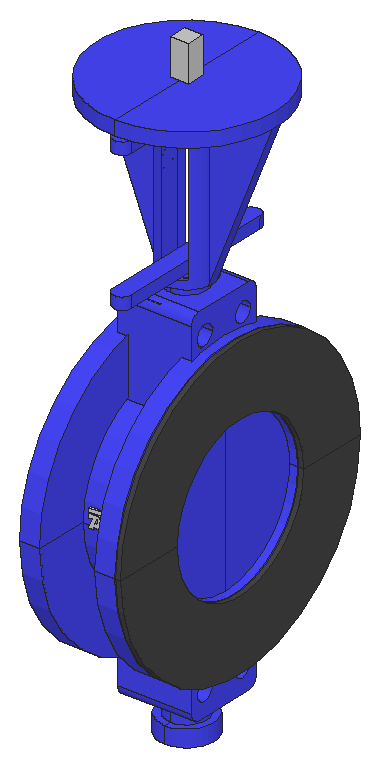
Revit family "926-10-001-DN50-500", category Pipe Accessories, Revit 2022
Family settings
  Round Connector Dimension = Use Diameter
  Part Type = Valve - Breaks Into
  Work Plane-Based = No
  Always vertical = Yes
  Cut with Voids When Loaded = No
  Shared = No
Parameters (values of type "DN400_PN 10")
  total_FL_legth = A - L  # 47.8 mm
  rib_Loctn = Body_rib_L * 0.4  # 8 mm
  logo = Bore_R + Body_T + 2 mm  # 50 mm
  bottom_Shaft_T = Body_rib_W * 0.7  # 8.4 mm
  bottom_Shaft_R = Body_rib_L * 0.68  # 13.6 mm
  Wedge = A / 1.3  # 39.077 mm
  URL_product_pages = "https://www.avkvalves.com/P.aspx?no=92605010020140100000"
  Top_Rib = D / 2  # 4.5 mm
  Top_Flange_R = size_lookup(Search_table, "Top_Flange_R", 0 mm, DN)  # 45 mm
  Top _Flange_dim2 = Body_shaft_R3_T * 2  # 7.826 mm
  Top _Flange_dim1 = Body_shaft_R3 * 0.68  # 8.84 mm
  Slot_dim1 = Body_shaft_R2_T / 3  # 2.4 mm
  Slot_T = Body_shaft_R2_T * 0.8  # 5.76 mm
  Search_table = "926-10-001-DN50-500"
  Seal_R = (FL_R - Bore_R) / 2  # 17.5 mm
  Rib_T = (FL_T - Raised_dis) / 1.5  # 5.333 mm
  Rib_R = D / 2  # 4.5 mm
  Raised_dis = size_lookup(Search_table, "Raised_dis", 0 mm, DN)  # 2 mm
  Raised_R = size_lookup(Search_table, "Raised_R", 0 mm, DN)  # 64 mm
  PCD = size_lookup(Search_table, "PCD", 0 mm, DN)  # 160 mm
  L = Raised_dis * 1.5  # 3 mm
  Hole_R = size_lookup(Search_table, "Hole_R", 0 mm, DN)  # 5 mm
  FL_T = size_lookup(Search_table, "FL_T", 0 mm, DN)  # 10 mm
  FL_R = size_lookup(Search_table, "FL_R", 0 mm, DN)  # 75 mm
  E = size_lookup(Search_table, "E", 0 mm, DN)  # 18 mm
  Description_ = "AVK DBL. ECC. BUTTERFLY VALVE, WAFER AWWA SHORT, PN10/16"
  Default Elevation = 0 mm
  DN500_PN 16 = "926-500-10-020040100000"
  DN500_PN 10 = "926-500-10-010040100000"
  DN450_PN 16 = "926-450-10-020040100000"
  DN450_PN 10 = "926-450-10-010040100000"
  DN400_PN 16 = "926-400-10-020040100000"
  DN400_PN 10 = "926-400-10-010040100000"
  DN350_PN 16 = "926-350-10-020040100000"
  DN350_PN 10 = "926-350-10-010040100000"
  DN300_PN 16 = "926-300-10-020040100000"
  DN300_PN 10 = "926-300-10-010040100000"
  DN250_PN 16 = "926-250-10-020040100000"
  DN250_PN 10 = "926-250-10-010040100000"
  DN200_PN 16 = "926-200-10-020040100000"
  DN200_PN 10 = "926-200-10-010040100000"
  DN150_PN 10/16 = "926-150-10-020040100000"
  DN100_PN 10/16 = "926-100-10-020140100000"
  DN080_PN 10/16 = "926-080-10-020140100000"
  DN050_PN 10/16 = "926-050-10-020140100000"
  DN = 80 mm
  D = size_lookup(Search_table, "D", 0 mm, DN)  # 9 mm
  C = size_lookup(Search_table, "C", 0 mm, DN)  # 185 mm
  Bore_R = size_lookup(Search_table, "Bore_R", 0 mm, DN)  # 40 mm
  Body_shaft_R3_T = D / 2.3  # 3.913 mm
  Body_shaft_R3 = Body_shaft_R2 * 1.3  # 13 mm
  Body_shaft_R2_T = D * 0.8  # 7.2 mm
  Body_shaft_R2 = Body_rib_L * 0.5  # 10 mm
  Body_shaft_R1 = (total_FL_legth - FL_T) / 2  # 18.9 mm
  Body_rib_W = size_lookup(Search_table, "Body_rib_W", 0 mm, DN)  # 12 mm
  Body_rib_L = size_lookup(Search_table, "Body_rib_L", 0 mm, DN)  # 20 mm
  Body_end_shaft_R = (total_FL_legth - 2 * Raised_dis) / 2  # 21.9 mm
  Body_T = size_lookup(Search_table, "Body_T", 0 mm, DN)  # 8 mm
  B = size_lookup(Search_table, "B", 0 mm, DN)  # 110 mm
  A = size_lookup(Search_table, "A", 0 mm, DN)  # 50.8 mm
Types (19, lengths in mm): name | total_FL_legth | rib_Loctn | logo | bottom_Shaft_T | bottom_Shaft_R | Wedge | Top_Rib | Top_Flange_R | Top _Flange_dim2 | Top _Flange_dim1 | Slot_dim1 | Slot_T | Seal_R | Rib_T | Rib_R | Raised_dis | Raised_R | PCD | L | Hole_R | FL_T | FL_R | E | Description_ | DN | D | C | Bore_R | Body_shaft_R3_T | Body_shaft_R3 | Body_shaft_R2_T | Body_shaft_R2 | Body_shaft_R1 | Body_rib_W | Body_rib_L | Body_end_shaft_R | Body_T | B | A
  (no name) | 47.8 | 8 | 50 | 8.4 | 13.6 | 39.077 | 4.5 | 45 | 7.826 | 8.84 | 2.4 | 5.76 | 17.5 | 5.333 | 4.5 | 2 | 64 | 160 | 3 | 5 | 10 | 75 | 18 | "AVK DBL. ECC. BUTTERFLY VALVE, WAFER AWWA SHORT, PN10/16" | 80 | 9 | 185 | 40 | 3.913 | 13 | 7.2 | 10 | 18.9 | 12 | 20 | 21.9 | 8 | 110 | 50.8
  DN500_PN 16 | 124 | 34.8 | 267 | 26.6 | 59.16 | 100 | 23 | 105 | 40 | 38.454 | 12.267 | 29.44 | 17.5 | 12 | 23 | 4 | 260 | 650 | 6 | 16 | 22 | 285 | 65 | "AVK DBL. ECC. BUTTERFLY VALVE, WAFER" | 500.1 | 46 | 511 | 250 | 20 | 56.55 | 36.8 | 43.5 | 51 | 38 | 87 | 58 | 15 | 380 | 130
  DN500_PN 10 | 124 | 34.8 | 267 | 26.6 | 59.16 | 100 | 23 | 105 | 40 | 38.454 | 12.267 | 29.44 | 17.5 | 10 | 23 | 4 | 260 | 620 | 6 | 16 | 19 | 285 | 65 | "AVK DBL. ECC. BUTTERFLY VALVE, WAFER" | 500 | 46 | 511 | 250 | 20 | 56.55 | 36.8 | 43.5 | 52.5 | 38 | 87 | 58 | 15 | 380 | 130
  DN450_PN 16 | 111 | 31.2 | 243 | 28.7 | 53.04 | 90 | 18 | 105 | 31.304 | 34.476 | 9.6 | 23.04 | 20 | 12 | 18 | 4 | 245 | 585 | 6 | 15 | 22 | 265 | 38 | "AVK DBL. ECC. BUTTERFLY VALVE, WAFER" | 450.1 | 36 | 492 | 225 | 15.652 | 50.7 | 28.8 | 39 | 44.5 | 41 | 78 | 51.5 | 16 | 360 | 117
  DN450_PN 10 | 111 | 31.2 | 243 | 28.7 | 53.04 | 90 | 18 | 105 | 31.304 | 34.476 | 9.6 | 23.04 | 20 | 10 | 18 | 4 | 245 | 565 | 6 | 15 | 19 | 265 | 38 | "AVK DBL. ECC. BUTTERFLY VALVE, WAFER" | 450 | 36 | 492 | 225 | 15.652 | 50.7 | 28.8 | 39 | 46 | 41 | 78 | 51.5 | 16 | 360 | 117
  DN400_PN 16 | 99 | 28 | 217 | 29.4 | 47.6 | 80.769 | 18 | 87.5 | 31.304 | 30.94 | 9.6 | 23.04 | 20 | 12 | 18 | 4 | 220 | 525 | 6 | 14 | 22 | 240 | 41 | "AVK DBL. ECC. BUTTERFLY VALVE, WAFER" | 400.1 | 36 | 451 | 200 | 15.652 | 45.5 | 28.8 | 35 | 38.5 | 42 | 70 | 45.5 | 15 | 350 | 105
  DN400_PN 10 | 47.8 | 8 | 50 | 8.4 | 13.6 | 39.077 | 4.5 | 45 | 7.826 | 8.84 | 2.4 | 5.76 | 17.5 | 5.333 | 4.5 | 2 | 64 | 160 | 3 | 5 | 10 | 75 | 18 | "AVK DBL. ECC. BUTTERFLY VALVE, WAFER AWWA SHORT, PN10/16" | 80 | 9 | 185 | 40 | 3.913 | 13 | 7.2 | 10 | 18.9 | 12 | 20 | 21.9 | 8 | 110 | 50.8
  DN350_PN 16 | 91.8 | 26.8 | 191 | 21.7 | 45.56 | 74.077 | 18 | 75 | 31.304 | 29.614 | 9.6 | 23.04 | 17.5 | 11.333 | 18 | 3 | 190 | 470 | 4.5 | 13 | 20 | 210 | 41 | "AVK DBL. ECC. BUTTERFLY VALVE, WAFER" | 350.1 | 36 | 420 | 175 | 15.652 | 43.55 | 28.8 | 33.5 | 35.9 | 31 | 67 | 42.9 | 14 | 290 | 96.3
  DN350_PN 10 | 91.8 | 26.8 | 191 | 21.7 | 45.56 | 74.077 | 18 | 75 | 31.304 | 29.614 | 9.6 | 23.04 | 17.5 | 10 | 18 | 3 | 190 | 460 | 4.5 | 13 | 18 | 210 | 41 | "AVK DBL. ECC. BUTTERFLY VALVE, WAFER" | 350 | 36 | 420 | 175 | 15.652 | 43.55 | 28.8 | 33.5 | 36.9 | 31 | 67 | 42.9 | 14 | 290 | 96.3
  DN300_PN 16 | 81.2 | 24 | 166 | 21 | 40.8 | 65.923 | 13.5 | 75 | 23.478 | 26.52 | 7.2 | 17.28 | 15 | 10 | 13.5 | 3 | 160 | 410 | 4.5 | 12 | 18 | 180 | 41 | "AVK DBL. ECC. BUTTERFLY VALVE, WAFER" | 300.1 | 27 | 390 | 150 | 11.739 | 39 | 21.6 | 30 | 31.6 | 30 | 60 | 37.6 | 14 | 260 | 85.7
  DN300_PN 10 | 81.2 | 24 | 166 | 21 | 40.8 | 65.923 | 13.5 | 75 | 23.478 | 26.52 | 7.2 | 17.28 | 15 | 10 | 13.5 | 3 | 160 | 400 | 4.5 | 12 | 18 | 180 | 41 | "AVK DBL. ECC. BUTTERFLY VALVE, WAFER" | 300 | 27 | 390 | 150 | 11.739 | 39 | 21.6 | 30 | 31.6 | 30 | 60 | 37.6 | 14 | 260 | 85.7
  DN250_PN 16 | 76.4 | 22.4 | 131 | 16.8 | 38.08 | 61.077 | 13.5 | 75 | 23.478 | 24.752 | 7.2 | 17.28 | 17.5 | 10.667 | 13.5 | 2 | 140 | 350 | 3 | 11 | 18 | 160 | 36 | "AVK DBL. ECC. BUTTERFLY VALVE, WAFER" | 250.1 | 27 | 340 | 125 | 11.739 | 36.4 | 21.6 | 28 | 29.2 | 24 | 56 | 36.2 | 4 | 222 | 79.4
  DN250_PN 10 | 76.4 | 22.4 | 141 | 16.8 | 38.08 | 61.077 | 13.5 | 75 | 23.478 | 24.752 | 7.2 | 17.28 | 17.5 | 10.667 | 13.5 | 2 | 140 | 350 | 3 | 11 | 18 | 160 | 36 | "AVK DBL. ECC. BUTTERFLY VALVE, WAFER" | 250 | 27 | 340 | 125 | 11.739 | 36.4 | 21.6 | 28 | 29.2 | 24 | 56 | 36.2 | 14 | 222 | 79.4
  DN200_PN 16 | 71.6 | 20.8 | 116 | 15.4 | 35.36 | 57.385 | 11 | 62.5 | 19.13 | 22.984 | 5.867 | 14.08 | 15 | 10 | 11 | 2 | 110 | 295 | 3 | 10 | 17 | 130 | 30 | "AVK DBL. ECC. BUTTERFLY VALVE, WAFER" | 200.1 | 22 | 320 | 100 | 9.565 | 33.8 | 17.6 | 26 | 27.3 | 22 | 52 | 33.8 | 14 | 200 | 74.6
  DN200_PN 10 | 71.6 | 20.8 | 114 | 15.4 | 35.36 | 57.385 | 11 | 62.5 | 19.13 | 22.984 | 5.867 | 14.08 | 15 | 8.667 | 11 | 2 | 110 | 295 | 3 | 10 | 15 | 130 | 30 | "AVK DBL. ECC. BUTTERFLY VALVE, WAFER" | 200 | 22 | 320 | 100 | 9.565 | 33.8 | 17.6 | 26 | 28.3 | 22 | 52 | 33.8 | 12 | 200 | 74.6
  DN150_PN 10/16 | 68.4 | 12.8 | 89 | 14 | 21.76 | 54.923 | 8.5 | 62.5 | 14.783 | 14.144 | 4.533 | 10.88 | 13.5 | 7.333 | 8.5 | 2 | 90 | 240 | 3 | 8 | 13 | 102 | 27 | "AVK DBL. ECC. BUTTERFLY VALVE, WAFER" | 150 | 17 | 280 | 75 | 7.391 | 20.8 | 13.6 | 16 | 27.7 | 20 | 32 | 32.2 | 12 | 170 | 71.4
  DN100_PN 10/16 | 54.2 | 10 | 62 | 10.5 | 17 | 44 | 5.5 | 45 | 9.565 | 11.05 | 2.933 | 7.04 | 16 | 6 | 5.5 | 2 | 65 | 180 | 3 | 6 | 11 | 82 | 20 | "AVK DBL. ECC. BUTTERFLY VALVE, WAFER" | 100 | 11 | 202 | 50 | 4.783 | 16.25 | 8.8 | 12.5 | 21.6 | 15 | 25 | 25.1 | 10 | 130 | 57.2
  DN080_PN 10/16 | 47.8 | 6 | 35 | 5.6 | 10.2 | 39.077 | 4.5 | 45 | 7.826 | 6.63 | 2.4 | 5.76 | 13.5 | 5.333 | 4.5 | 2 | 34 | 120 | 3 | 4 | 10 | 52 | 18 | "AVK DBL. ECC. BUTTERFLY VALVE, WAFER" | 50 | 9 | 110 | 25 | 3.913 | 9.75 | 7.2 | 7.5 | 18.9 | 8 | 15 | 21.9 | 8 | 80 | 50.8
  DN050_PN 10/16 | 81.2 | 24 | 166 | 21 | 40.8 | 65.923 | 13.5 | 75 | 23.478 | 26.52 | 7.2 | 17.28 | 15 | 10 | 13.5 | 3 | 160 | 400 | 4.5 | 12 | 18 | 180 | 41 | "AVK DBL. ECC. BUTTERFLY VALVE, WAFER" | 300 | 27 | 390 | 150 | 11.739 | 39 | 21.6 | 30 | 31.6 | 30 | 60 | 37.6 | 14 | 260 | 85.7
Reference planes
  plane 1 "Center (Front/Back)": y = 0
  plane 2: z = 0
  plane 3 "Center (Left/Right)": x = 0
  plane 4: z = -80
  plane 5: z = 80
  plane 6: x = -23.9
  plane 7: x = 23.9
  plane 8: y = 80
  plane 9: y = -80
  plane 10: x = -23.9
  plane 11: x = 23.9
  plane 12: x = -18.567
  plane 13: x = 18.567
  plane 14: z = -110
  plane 15: y = 20
  plane 16: y = -20
  plane 17: z = -92
  plane 18: z = 92
  plane 19: z = 92
  plane 20: z = 185
  plane 21: y = 23
  plane 22: y = -23
  plane 23: z = 185
  plane 24: z = 203
  plane 25: y = 4.5
  plane 26: y = -4.5
  plane 27: x = -4.5
  plane 28: x = 4.5
  plane 29: z = 177.8
  plane 30: z = 92
  plane 31: x = -2.25
  plane 32: x = 2.25
  plane 33: z = 40
  plane 34: z = -40
  plane 35: z = 99.826
  plane 36: z = 92
  plane 37: z = 40
  plane 38: z = 75
  plane 39: z = 177.8
  plane 40: z = 94.066
  plane 41: z = 175.4
  plane 42: z = 169.64
  plane 43: y = 75
  plane 44: y = 75
  plane 45: y = -50
  plane 46: y = 2.25
  plane 47: y = -2.25
Forms (mm)
  Revolve 1, solid, material "Default"
    sketch origin (0, 0, 0) x (1, 0, 0) y (0, 1, 0)
      loop
        line (-23.9, 40) -> (23.9, 40) -> (23.9, 75) -> (13.9, 75) -> (13.9, 48) -> (-13.9, 48) -> (-13.9, 75) -> (-23.9, 75) -> (-23.9, 40)
      axis (-23.9, 0) -> (23.9, 0)
    angle from 0 to 360
  Revolve 2, solid, material "Default Roof"
    sketch origin (0, 0, 0) x (1, 0, 0) y (0, 1, 0)
      loop
        line (23.9, 75) -> (23.9, 40) -> (26.9, 40) -> (26.9, 75) -> (23.9, 75)
      axis (26.9, 0) -> (23.9, 0)
    angle from 0 to 360
  Extrusion 3, solid, material "Default"
    sketch origin (0, 0, 0) x (0, 1, 0) y (0, 0, 1)
      loop
        line (15.5, 92) -> (-15.5, 92)
        arc (-15.5, 92) -> (-18.682, 90.682) -> (-20, 87.5) r 4.5
        line (-20, 87.5) -> (-20, -87.5)
        arc (-20, -87.5) -> (-18.682, -90.682) -> (-15.5, -92) r 4.5
        line (-15.5, -92) -> (15.5, -92)
        arc (15.5, -92) -> (18.682, -90.682) -> (20, -87.5) r 4.5
        line (20, -87.5) -> (20, 87.5)
        arc (20, 87.5) -> (18.682, 90.682) -> (15.5, 92) r 4.5
    from -18.567 to 18.567
  Revolve 4, solid, material "Default"
    sketch origin (0, 0, 0) x (0, 1, 0) y (0, 0, 1)
      loop
        line (0, -110) -> (0, -92) -> (-10, -92) -> (-10, -101.6) -> (-13.6, -101.6) -> (-13.6, -110) -> (0, -110)
      axis (0, -92) -> (0, -110)
    angle from 0 to 360
  Extrusion 5, void
    sketch origin (0, 2.804, 16.825) x (0, -1, 0) y (0, 0, 1)
      loop
        circle (-9.196, -96.825) r 5
      loop
        circle (14.804, -96.825) r 5
      loop
        circle (-9.196, 63.175) r 5
      loop
        circle (14.804, 63.175) r 5
    from -23.9 to 62
  Revolve 6, solid, material "Default"
    sketch origin (0, 0, 0) x (0, 1, 0) y (0, 0, 1)
      loop
        line (0, 92) -> (0, 185) -> (-45, 185) -> (-45, 177.8) -> (-10, 177.8) -> (-10, 92) -> (0, 92)
      axis (0, 185) -> (0, 92)
    angle from 0 to 360
  Extrusion 7, solid, material "Laminate, White"
    sketch origin (0, 0, 0) x (0, 1, 0) y (0, 0, 1)
      loop
        line (4.5, 203) -> (-4.5, 203) -> (-4.5, 185) -> (4.5, 185) -> (4.5, 203)
    from -4.5 to 4.5
  Revolve 8, solid, material "Default"
    sketch origin (0, 0, 0) x (0, 1, 0) y (0, 0, 1)
      loop
        line (-13, 177.8) -> (-13, 95.913) -> (0, 95.913) -> (0, 177.8) -> (-13, 177.8)
      axis (0, 177.8) -> (0, 95.913)
    angle from 0 to 360
  Revolve 9, solid, material "Default"
    sketch origin (0, 0, 0) x (0, 1, 0) y (0, 0, 1)
      loop
        line (0, 177.8) -> (-10, 177.8) -> (-10, 99.826) -> (0, 99.826) -> (0, 177.8)
      axis (0, 99.826) -> (0, 177.8)
    angle from 0 to 360
  Revolve 10, void
    sketch origin (0, 0, 0) x (1, 0, 0) y (0, 1, 0)
      loop
        line (-25.4, 40) -> (-25.4, 0) -> (25.4, 0) -> (25.4, 40) -> (-25.4, 40)
      axis (25.4, 0) -> (-25.4, 0)
    angle from 0 to 360
  Revolve 11, solid, material "Default"
    sketch origin (0, 0, 0) x (1, 0, 0) y (0, 0, 1)
      loop
        line (19.538, 40) -> (-19.538, 40) -> (-19.538, 0) -> (19.538, 0) -> (19.538, 40)
      axis (-19.538, 0) -> (19.538, 0)
    angle from 0 to 360
  Extrusion 12, solid, material "Default"
    sketch origin (0, 0, 0) x (1, 0, 0) y (0, 0, 1)
      loop
        line (45, 177.8) -> (-45, 177.8) -> (-13, 95.913) -> (13, 95.913) -> (45, 177.8)
    from -2.25 to 2.25
  Extrusion 13, void
    sketch origin (0, 0, 0) x (-1, 0, 0) y (0, 0, 1)
      loop
        line (-8.84, 177.8) -> (-8.84, 99.826) -> (8.84, 99.826) -> (8.84, 177.8) -> (-8.84, 177.8)
    from -80 to 75
  Extrusion 14, solid, material "Default"
    sketch origin (0, 77.131, 169.64) x (0, 1, 0) y (-1, 0, 0)
      loop
        arc (-117.631, 4.5) -> (-122.131, 0) -> (-117.631, -4.5) r 4.5
        line (-117.631, -4.5) -> (-36.631, -4.5)
        arc (-36.631, -4.5) -> (-32.131, 0) -> (-36.631, 4.5) r 4.5
        line (-36.631, 4.5) -> (-117.631, 4.5)
    from 0 to 5.76
  Extrusion 15, solid, material "Default"
    sketch origin (0, 56.62, 99.826) x (0, 1, 0) y (-1, 0, 0)
      loop
        line (-16.12, 4.5) -> (-97.12, 4.5)
        arc (-97.12, 4.5) -> (-101.62, 0) -> (-97.12, -4.5) r 4.5
        line (-97.12, -4.5) -> (-16.12, -4.5)
        arc (-16.12, -4.5) -> (-11.62, 0) -> (-16.12, 4.5) r 4.5
    from 0 to 5.76
Cuts and joins
  Extrusion 5, Revolve 10 cuts Extrusion 3
  Revolve 10 cuts Revolve 1
  Revolve 10 cuts Revolve 2
  Extrusion 13 cuts Revolve 6
  Extrusion 13 cuts Revolve 8
  Extrusion 13 cuts Revolve 9
  Extrusion 13 cuts Extrusion 12
Dimensions and locks
  equal spacing: plane 5, level, plane 4
  "PCD": plane 5 to plane 4
  equal spacing: Revolve 1 sketch curve, plane 3 "Center (Left/Right)", Revolve 1 sketch curve  (x2)
  "Bore_R": plane 1 "Center (Front/Back)" to Revolve 1 sketch curve
  "FL_R": plane 1 "Center (Front/Back)" to Revolve 1 sketch curve
  "total_FL_legth": Revolve 1 sketch curve to Revolve 1 sketch curve
  "FL_T": Revolve 1 sketch curve to Revolve 1 sketch curve
  "Body_T": Revolve 1 sketch curve to Revolve 1 sketch curve
  equal spacing: plane 6, plane 3 "Center (Left/Right)", plane 7
  "total_FL_legth": plane 6 to plane 7
  "L": plane 7 to Revolve 2 sketch curve
  equal spacing: plane 8, plane 1 "Center (Front/Back)", plane 9
  "PCD": plane 8 to plane 9
  equal spacing: Extrusion 3 sketch curve, plane 1 "Center (Front/Back)", Extrusion 3 sketch curve
  "Body_rib_L": plane 1 "Center (Front/Back)" to Extrusion 3 sketch curve
  "Body_rib_W": plane 4 to Extrusion 3 sketch curve
  "Body_rib_W": Extrusion 3 sketch curve to plane 5
  equal spacing: Extrusion 3, plane 3 "Center (Left/Right)", Extrusion 3
  equal spacing: plane 11, plane 3 "Center (Left/Right)", plane 10
  "total_FL_legth": plane 11 to plane 10
  equal spacing: plane 12, plane 3 "Center (Left/Right)", plane 13
  "Rib_T": plane 12 to plane 10
  "B": level to plane 14
  "bottom_Shaft_R": plane 1 "Center (Front/Back)" to Revolve 4 sketch curve
  equal spacing: plane 15, plane 1 "Center (Front/Back)", plane 16
  "Body_rib_L": plane 15 to plane 1 "Center (Front/Back)"
  "Body_rib_W": plane 4 to plane 17
  "Body_rib_W": Extrusion 5 sketch curve to plane 17  (x2)
  "rib_Loctn": plane 15 to Extrusion 5 sketch curve  (x2)
  "rib_Loctn": Extrusion 5 sketch curve to plane 16  (x2)
  "Body_rib_W": plane 18 to plane 5
  "Body_rib_W": plane 18 to Extrusion 5 sketch curve  (x2)
  "Body_rib_W": plane 19 to plane 5
  "Body_shaft_R2": plane 1 "Center (Front/Back)" to Revolve 6 sketch curve
  "C": plane 20 to level
  "Top_Flange_R": plane 1 "Center (Front/Back)" to Revolve 6 sketch curve
  "Body_shaft_R2_T": plane 20 to Revolve 6 sketch curve
  "C": plane 23 to plane 2
  "E": plane 24 to plane 23
  equal spacing: plane 25, plane 1 "Center (Front/Back)", plane 26
  "D": plane 25 to plane 26
  equal spacing: plane 28, plane 3 "Center (Left/Right)", plane 27
  "D": plane 28 to plane 27
  "Body_shaft_R2_T": plane 23 to plane 29
  "Body_rib_W": plane 30 to plane 5
  "Body_shaft_R3": plane 1 "Center (Front/Back)" to Revolve 8 sketch curve
  "Body_shaft_R3_T": Revolve 8 sketch curve to plane 30
  equal spacing: plane 32, plane 3 "Center (Left/Right)", plane 31
  "Top_Rib": plane 32 to plane 31
  equal spacing: plane 33, level, plane 34
  "Bore_R": plane 33 to level
  "Bore_R": plane 37 to level
  "FL_R": plane 38 to level
  "Body_rib_W": plane 36 to plane 5
  "Top _Flange_dim2": plane 35 to plane 36
  "Body_shaft_R2_T": plane 23 to plane 39
  "Slot_T": plane 35 to plane 40
  "Slot_dim1": plane 39 to plane 41
  "Slot_T": plane 41 to plane 42
  "Body_shaft_R2": plane 1 "Center (Front/Back)" to Revolve 9 sketch curve
  "Body_rib_W": plane 4 to Revolve 4 sketch curve
  "bottom_Shaft_T": Revolve 4 sketch curve to plane 14
  "Body_shaft_R2": plane 1 "Center (Front/Back)" to Revolve 4 sketch curve
  equal spacing: Revolve 10 sketch curve, plane 3 "Center (Left/Right)", Revolve 10 sketch curve
  "A": Revolve 10 sketch curve to Revolve 10 sketch curve
  "Bore_R": plane 1 "Center (Front/Back)" to Revolve 10 sketch curve
  equal spacing: Revolve 11 sketch curve, plane 3 "Center (Left/Right)", Revolve 11 sketch curve
  "Wedge": Revolve 11 sketch curve to Revolve 11 sketch curve
  "Bore_R": level to Revolve 11 sketch curve
  "FL_R": plane 43 to plane 1 "Center (Front/Back)"
  "FL_R": plane 44 to plane 1 "Center (Front/Back)"
  "Bore_R": plane 1 "Center (Front/Back)" to Revolve 2 sketch curve
  "logo": plane 1 "Center (Front/Back)" to plane 45
  nested 1 to level = 8.79 mm
  equal spacing: Extrusion 12 sketch curve, plane 3 "Center (Left/Right)", Extrusion 12 sketch curve  (x2)
  "Body_shaft_R3_T": plane 36 to Extrusion 12 sketch curve
  "Body_shaft_R3": plane 3 "Center (Left/Right)" to Extrusion 12 sketch curve
  "Top_Flange_R": plane 3 "Center (Left/Right)" to Extrusion 12 sketch curve
  equal spacing: Extrusion 12, plane 1 "Center (Front/Back)", Extrusion 12
  equal spacing: plane 46, plane 1 "Center (Front/Back)", plane 47
  "Top_Rib": plane 46 to plane 47
  equal spacing: Extrusion 13 sketch curve, plane 3 "Center (Left/Right)", Extrusion 13 sketch curve
  "Top _Flange_dim2": plane 36 to Extrusion 13 sketch curve
  "Top _Flange_dim1": plane 3 "Center (Left/Right)" to Extrusion 13 sketch curve
  equal spacing: Extrusion 14 sketch curve, plane 1 "Center (Front/Back)", Extrusion 14 sketch curve
  "Top_Flange_R": plane 1 "Center (Front/Back)" to Extrusion 14 sketch curve
  "Slot_T": Extrusion 15 to plane 35
  "Rib_R": radius of Extrusion 3 sketch curve  (x4)
  "Hole_R": radius of Extrusion 5 sketch curve  (x4)
  aligned and locked: level to plane 2
  aligned and locked: plane 1 "Center (Front/Back)" to Revolve 1 sketch curve
  aligned and locked: Revolve 1 sketch curve to Revolve 1 sketch curve
  aligned and locked: plane 7 to Revolve 2 sketch curve
  aligned and locked: Revolve 2 sketch curve to plane 1 "Center (Front/Back)"
  aligned and locked: plane 12 to Extrusion 3
  aligned and locked: Revolve 4 sketch curve to plane 1 "Center (Front/Back)"
  aligned and locked: plane 14 to Revolve 4 sketch curve
  aligned and locked: plane 1 "Center (Front/Back)" to Revolve 4 sketch curve
  aligned and locked: Extrusion 5 to Revolve 1
  aligned and locked: Revolve 6 sketch curve to plane 1 "Center (Front/Back)"
  aligned and locked: plane 1 "Center (Front/Back)" to Revolve 6 sketch curve
  aligned and locked: plane 19 to Revolve 6 sketch curve
  aligned and locked: plane 23 to Extrusion 7 sketch curve
  aligned and locked: Extrusion 7 sketch curve to plane 24
  aligned and locked: Extrusion 7 sketch curve to plane 25
  aligned and locked: plane 26 to Extrusion 7 sketch curve
  aligned and locked: plane 27 to Extrusion 7
  aligned and locked: Extrusion 7 to plane 28
  aligned and locked: plane 29 to Revolve 8 sketch curve
  aligned and locked: plane 1 "Center (Front/Back)" to Revolve 8 sketch curve
  aligned and locked: plane 1 "Center (Front/Back)" to Revolve 9 sketch curve
  aligned and locked: plane 35 to Revolve 9 sketch curve
  aligned and locked: Revolve 9 sketch curve to plane 39
  aligned and locked: Revolve 9 sketch curve to plane 1 "Center (Front/Back)"
  aligned and locked: Revolve 10 sketch curve to plane 1 "Center (Front/Back)"  (x2)
  aligned and locked: level to Revolve 11 sketch curve
  aligned and locked: Revolve 11 sketch curve to plane 2
  aligned and locked: Revolve 2 sketch curve to plane 43
  aligned and locked: plane 3 "Center (Left/Right)" to nested 1
  aligned and locked: plane 39 to Extrusion 12 sketch curve
  aligned and locked: Extrusion 12 to plane 46
  aligned and locked: Extrusion 13 sketch curve to plane 39
  aligned and locked: plane 44 to Extrusion 13
  aligned and locked: Extrusion 13 to plane 9
  aligned and locked: plane 27 to Extrusion 14 sketch curve
  aligned and locked: Extrusion 14 sketch curve to plane 28
  aligned and locked: plane 42 to Extrusion 14
  aligned and locked: plane 41 to Extrusion 14
  aligned and locked: Extrusion 15 sketch curve to Extrusion 14  (x2)
  aligned and locked: Extrusion 15 to plane 35
Automatic sketch dimensions
  Revolve 1 sketch curve to plane 10 = 2.778 mm
  plane 11 to Revolve 1 sketch curve = 67.278 mm
  Revolve 2 sketch curve to plane 13 = 6.696 mm
  plane 7 to Revolve 2 sketch curve = 8.704 mm
  Revolve 4 sketch curve to Revolve 4 sketch curve = 3 mm
  Revolve 4 sketch curve to level = 10 mm
  Revolve 6 sketch curve to plane 20 = 0 mm
  Revolve 6 sketch curve to plane 14 = 49.404 mm
  Revolve 6 sketch curve to Revolve 6 sketch curve = 155 mm
  Revolve 8 sketch curve to plane 1 "Center (Front/Back)" = 0 mm
  Revolve 8 sketch curve to level = 0 mm
  Revolve 8 sketch curve to plane 37 = 2.5 mm
  Revolve 9 sketch curve to plane 35 = 1.826 mm
  Revolve 9 sketch curve to Revolve 9 sketch curve = 1 mm
  Revolve 10 sketch curve to Revolve 10 sketch curve = 47.072 mm
  Revolve 10 sketch curve to Revolve 10 sketch curve = 20 mm
  Revolve 11 sketch curve to plane 10 = 10.638 mm
  Revolve 11 sketch curve to Revolve 11 sketch curve = 25 mm
Nested families
  nested 1: "Latest New 3" at (0, -47.996, -0.61) x (1, 0, 0) z (0, -0.9999, -0.0127), type "Latest New 3"
Connectors
  piping at (-23.9, 0, 0), diameter 80, driven by "DN"
    settings: on Revolve 1, index 1, connector inside diameter 609.6 mm, connector length 0 mm, flow factor 0, pipe flow 0.0 L/s, pressure drop 0.0 Pa, fitting loss kfactor 0, connector angle 0.00°, fixture units 0, engagement length 0 mm, angle of deflection 0.00°, flow configuration 0, flow direction 0, fitting loss method 0, system type 7, joint type 0, gender type 0, connector reference index -1, connector utility 0, adjustable connector no, is connector primary yes, connector description ""
  piping at (26.9, 0, 0), diameter 80, driven by "DN"
    settings: on Revolve 2, index 2, connector inside diameter 609.6 mm, connector length 0 mm, flow factor 0, pipe flow 0.0 L/s, pressure drop 0.0 Pa, fitting loss kfactor 0, connector angle 0.00°, fixture units 0, engagement length 0 mm, angle of deflection 0.00°, flow configuration 0, flow direction 0, fitting loss method 0, system type 7, joint type 0, gender type 0, connector reference index -1, connector utility 0, adjustable connector no, is connector primary no, connector description ""
Definition of nested family "Latest New 3"
  Parameters (values of type "Latest New 3")
    Default Elevation = 1219.2 mm
  Reference planes
    plane 1 "Center (Front/Back)": y = 0
    plane 2: z = 0
    plane 3 "Center (Left/Right)": x = 0
  Forms (mm)
    Extrusion 1, solid
      sketch origin (0, 0, 0) x (1, 0, 0) y (0, 1, 0)
        loop
          line (-1219.2, 1219.2) -> (-1219.2, -1219.2) -> (1219.2, -1219.2) -> (1219.2, 1219.2) -> (-1219.2, 1219.2)
      from 0 to -304.8
    Extrusion 2, solid
      sketch origin (0, 0, 0) x (1, 0, 0) y (0, 1, 0)
        loop
          line (-2.683, 9.413) -> (-9.884, 9.413) -> (-9.884, 7.46) -> (-4.022, 7.46) -> (-0.985, 0) -> (0.985, 0) -> (4.022, 7.46) -> (9.884, 7.46) -> (9.884, 9.413) -> (2.683, 9.413) -> (0, 2.824) -> (-2.683, 9.413)
        loop
          line (-4.528, 6.707) -> (-9.884, 6.707) -> (-9.884, 4.824) -> (-8.032, 4.824) -> (-9.884, 0) -> (-7.792, 0) -> (-7.394, 1.035) -> (-4.328, 1.035) -> (-3.907, 0) -> (-1.798, 0) -> (-4.528, 6.707)
        loop
          line (-6.91, 2.824) -> (-5.056, 2.824) -> (-6.01, 5.167) -> (-6.91, 2.824)
        loop
          line (1.798, 0) -> (3.907, 0) -> (4.98, 2.637) -> (6.968, 0) -> (9.413, 0) -> (7.166, 2.983)
          arc (7.166, 2.983) -> (8.216, 3.774) -> (9.007, 4.824) r 4.724
          line (9.007, 4.824) -> (9.884, 4.824) -> (9.884, 6.707) -> (8.001, 6.707)
          arc (8.001, 6.707) -> (7.315, 5.008) -> (5.642, 4.261) r 2.448
          line (5.642, 4.261) -> (6.637, 6.707) -> (4.528, 6.707) -> (1.798, 0)
      from 0 to 1
  Dimensions and locks
    aligned and locked: plane 2 to Extrusion 1
    aligned and locked: level to Extrusion 1
    aligned and locked: Extrusion 2 sketch curve to import instance  (x30)
